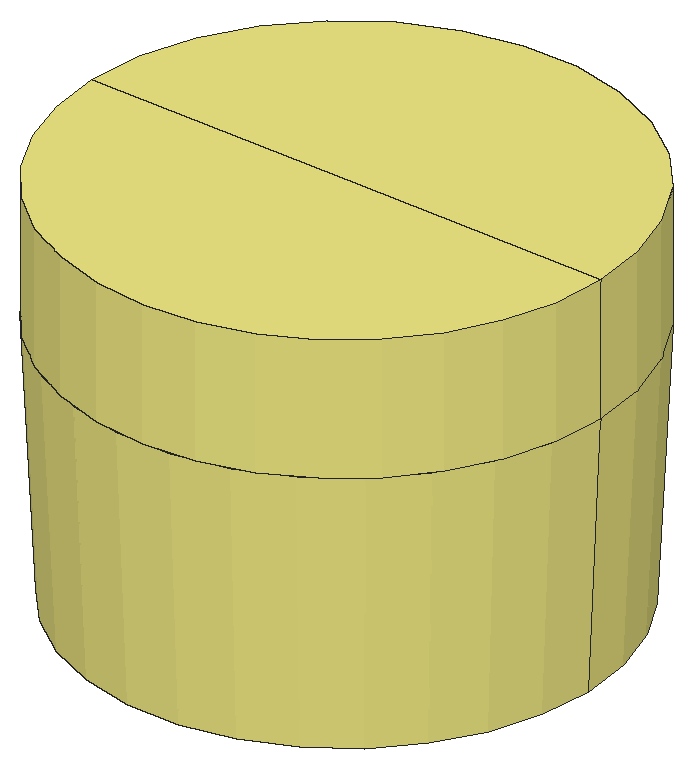
Revit family "EV_PLUG 20_9372783", category Modelos genéricos, Revit 2018
Family settings
  Puede alojar armadura = No
  Cota de conector redondo = Diámetro de uso
  Tipo de pieza = Normal
  Número OmniClass = 35.51.14.00
  Título OmniClass = FORMWORK
  Se basa en plano de trabajo = Sí
  Siempre vertical = No
  Corte con vacíos al cargar = No
  Compartido = Sí
  Punto de cálculo de habitación = No
Parameters
  VERSION = "20170217"  # constant formula
  URL = "www.ulmaconstruction.com/en"
  UNICLASS = ""
  Fabricante = "ULMA CONSTRUCTION"  # constant formula
  ITEM_CODE = "1861799"
  FILTER [instance] = ""
  Default Elevation = 0.000 mm
  CLASSIFICATION_TITLE = ""
  CLASSIFICATION_NUMBER = ""
Reference planes
  plane 1 "Centro (Frontal/Posterior)": y = 0
  plane 2: z = 0
  plane 3 "Centro (Izquierda/Derecha)": x = 0
Forms (mm)
  Revolve 1, solid, material "ULMA PLASTIC YELLOW", detail levels medium+fine
    sketch origin (0, 0, 0) x (1, 0, 0) y (0, 0, 1)
      loop
        line (-10.25, -5) -> (-9.75, -15) -> (-8.75, -15) -> (-8.75, -3.5)
        arc (-8.75, -3.5) -> (-8.164, -2.086) -> (-6.75, -1.5) r 2
        line (-6.75, -1.5) -> (0, -1.5) -> (0, 0) -> (-10.25, 0) -> (-10.25, -5)
      axis (0, 0) -> (0, -15)
    angle from 0 to 360
Dimensions and locks
  aligned and locked: level to plane 2
